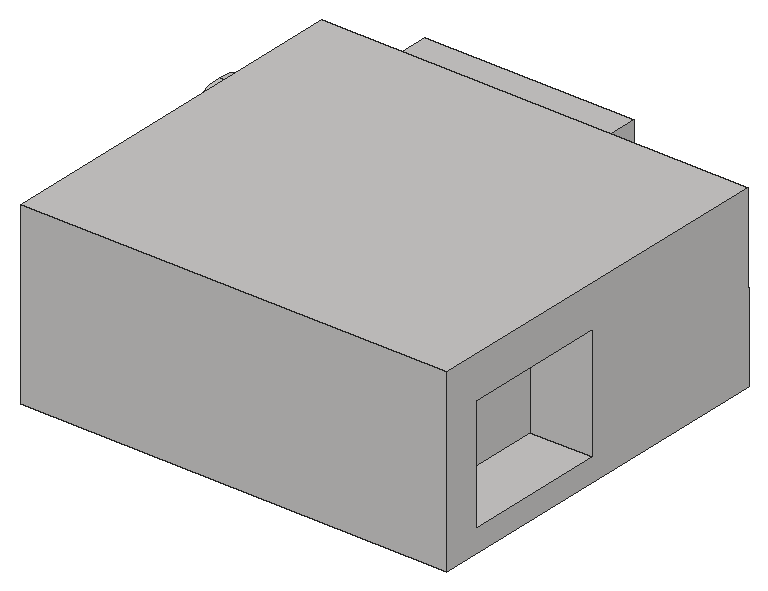
Revit family
Parameters
  Width = 3' - 0 1/8"
  Voltage = 277 V
  Unit Weight = "145.0 lbs"
  UltraLoc Liner = Choose Liner Option = 3  # no
  URL = "http://www.titus-hvac.com/"
  UL = "181"
  Supply Air Flow [instance] = 0 CFM
  SteriLoc Liner = Choose Liner Option = 2  # no
  Primary Air Pressure Drop [instance] = 0.00 in-wg
  Primary Air Flow [instance] = 0 CFM
  Plenum Air Pressure Drop [instance] = 0.00 in-wg
  Plenum Air Flow [instance] = 0 CFM
  Outlet Width = 1' - 2"
  Outlet Vertical Offset = 0' - 1 1/8"
  Outlet Horizontal Offset = 0' - 1 3/8"
  Outlet Height = 0' - 11"
  Number of Poles = 1
  Nominal Width = Width + 0' 6 1/4"  # 3' - 6 3/8"
  Nominal Length = Length + 0' 3 3/8"  # 3' - 8 1/4"
  Nominal Inlet Size = 1' - 0"
  Nominal Height = 1' - 5 1/8"
  NFPA = "90A"
  Motor Full Load Amps = 1.3 A
  Model = "DTQS"
  Min. Air Flow = 0 CFM
  Max. Air Flow = 0 CFM
  Material = Galvanized Steel
  Manufacturer = "Titus"
  Length = 3' - 4 7/8"
  Juction Box Offset = 0' - 4 7/8"
  Inlet Diameter = Nominal Inlet Size - 0' 0 1/8"  # 0' - 11 7/8"
  Induced Air Inlet Offset = 0' - 4 1/2"
  Induced Air Inlet Width = 1' - 1 1/4"
  Induced Air Inlet Height = 1' - 2 1/2"
  Induced Air Filter = no
  Heating Total Capacity [instance] = 0 Btu/h
  Half Outlet Connection Width = Outlet Width / 2  # 0' - 7"
  Half Outlet Connection Height = Outlet Height / 2  # 0' - 5 1/2"
  Half Height Start = -(Nominal Height / 2)  # -0' - 8 9/16"
  Half Height End = Nominal Height / 2  # 0' - 8 9/16"
  HP-Motor = "1/6"
  Frequency = 60 Hz
  Filter Size = "19\"x17\""
  Fiber Free Liner = Choose Liner Option = 1  # no
  Fan Disconnect Switch = no
  Duct Radius = Nominal Inlet Size / 2  # 0' - 6"
  Description = "Series Fan Powered Terminal Unit, Direct Digital Control, Pressure Independent"
  Connection Void Radius = Connection Radius - 0' 0 1/4"  # 0' - 5 11/16"
  Connection Radius = Inlet Diameter / 2  # 0' - 5 15/16"
  Choose Liner Option = 0
  CADworks URL = "www.CADworks.net"
  Assembly Code = "D3040100"
  Apparent Power = Voltage * Motor Full Load Amps  # 360.1 VA
  Air Inlet Offset = 0' - 8"
  1/2" Fiberglass Liner = Choose Liner Option = 0  # yes
Reference planes (in)
  plane 1 "Center (Front/Back)": y = 0
  plane 2: z = 0
  plane 3 "Center (Left/Right)": x = 3
  plane 4: x = -17.4375
  plane 5: x = 23.4375
  plane 6: x = -12.5625
  plane 7: x = -20.8125
  plane 8 "Center (Elevation)": z = 0
  plane 9: y = -18.0625
  plane 10: y = 18.0625
  plane 11: y = 10.0625
  plane 12: y = -13.5625
  plane 13: x = -11.4375
  plane 14: x = 17.4375
  plane 15: y = 24.3125
  plane 16: z = 8.5625
  plane 17: z = -8.5625
Forms (in)
  Extrusion 1, solid, material "Galvanized Steel" <- "Material"
    sketch origin (61, -3.76302, 78.80279) x (1, 0, 0) y (0, 1, 0)
      loop
        line (-78.4375, 21.82552) -> (-78.4375, -14.29948) -> (-37.5625, -14.29948) -> (-37.5625, 21.82552) -> (-78.4375, 21.82552)
    from -87.36529 <- "Half Height Start" to -70.24029 <- "Half Height End"
  Extrusion 2, solid, material "Galvanized Steel" <- "Material"
    sketch origin (6.0625, 0, 42) x (1, 0, 0) y (0, 1, 0)
      loop
        line (-18.625, 18.0625) -> (1.375, 18.0625) -> (1.375, 24.3125) -> (-18.625, 24.3125) -> (-18.625, 18.0625)
    from -48 to -36
  Extrusion 3, void
    sketch origin (23.4375, 18.0625, 76.42779) x (0, 1, 0) y (0, 0, -1)
      loop
        line (-18.625, 71.86529) -> (-18.625, 82.86529) -> (-32.625, 82.86529) -> (-32.625, 71.86529) -> (-18.625, 71.86529)
    from 0 to 6
  Extrusion 4, solid, material "Galvanized Steel" <- "Material"
    sketch origin (-24.875, -0.4375, 0) x (0, 0, -1) y (0, 1, 0)
      loop
        circle (0, 10.5) r 5.9375
    from 4.0625 to 7.4375
  Extrusion 5, void
    sketch origin (-24.875, 0, 0) x (0, 1, 0) y (0, 0, 1)
      loop
        circle (10.0625, 0) r 5.6875
    from 4.0625 to 13.4375
  Extrusion 6, void
    sketch origin (-17.4375, -18.0625, 78.67779) x (0, -1, 0) y (0, 0, -1)
      loop
        line (-17.75, 71.49029) -> (-4.5, 71.49029) -> (-4.5, 85.99029) -> (-17.75, 85.99029) -> (-17.75, 71.49029)
    from 0 to 6
Cuts and joins
  Extrusion 3, Extrusion 5, Extrusion 6 cuts Extrusion 1
  Extrusion 5 cuts Extrusion 4
Dimensions and locks (in)
  "Length": plane 5 to plane 4
  equal spacing: plane 5, plane 3 "Center (Left/Right)", plane 4
  locked: Extrusion 2 to plane 6 at 0
  locked: Extrusion 2 to Extrusion 2 at 20
  "Juction Box Offset": plane 6 to plane 4
  "Outlet Height": Extrusion 3 sketch curve to Extrusion 3 sketch curve
  "Outlet Width": Extrusion 3 sketch curve to Extrusion 3 sketch curve
  locked: plane 4 to plane 7 at 3.375
  "Width": plane 9 to plane 10
  equal spacing: plane 9, plane 1 "Center (Front/Back)", plane 10
  locked: Extrusion 4 sketch curve to level at 0
  locked: Extrusion 4 sketch curve to plane 11 at 0
  locked: Extrusion 5 sketch curve to level at 0
  locked: Extrusion 5 sketch curve to plane 11 at 0
  locked: Extrusion 2 to Extrusion 2 at 6.25
  "Air Inlet Offset": plane 10 to plane 11
  locked: Extrusion 2 to plane 10 at 0
  locked: cut or joined group of Extrusion 4, Extrusion 5 to plane 7 at 0
  locked: cut or joined group of Extrusion 4, Extrusion 5 to cut or joined group of Extrusion 4, Extrusion 5 at 3.375
  "Induced Air Inlet Offset": plane 9 to plane 12
  "Induced Air Inlet Width": Extrusion 6 sketch curve to Extrusion 6 sketch curve
  "Induced Air Inlet Height": Extrusion 6 sketch curve to Extrusion 6 sketch curve
  "Induced Air Inlet Offset": Extrusion 6 sketch curve to plane 9
  locked: plane 9 to Extrusion 3 sketch curve at 3.5
  cut or joined group of Extrusion 1, Extrusion 3, Extrusion 5, Extrusion 6 to Extrusion 6 sketch curve = 0' - 1 3/8"
  cut or joined group of Extrusion 1, Extrusion 3, Extrusion 5, Extrusion 6 to Extrusion 3 sketch curve = 0' - 2 1/8"
  locked: Extrusion 2 to Extrusion 2 at 12
  equal spacing: Extrusion 2, level, Extrusion 2
  locked: cut or joined group of Extrusion 1, Extrusion 3, Extrusion 5, Extrusion 6 to cut or joined group of Extrusion 1, Extrusion 3, Extrusion 5, Extrusion 6 at 17.125
  equal spacing: cut or joined group of Extrusion 1, Extrusion 3, Extrusion 5, Extrusion 6, level, cut or joined group of Extrusion 1, Extrusion 3, Extrusion 5, Extrusion 6
  locked: plane 4 to plane 13 at 6
  locked: plane 14 to plane 5 at 6
  "Connection Radius": radius of Extrusion 4 sketch curve
  "Connection Void Radius": radius of Extrusion 5 sketch curve
  aligned and locked: cut or joined group of Extrusion 1, Extrusion 3, Extrusion 5, Extrusion 6 to plane 10
  aligned and locked: plane 9 to cut or joined group of Extrusion 1, Extrusion 3, Extrusion 5, Extrusion 6
  aligned and locked: plane 5 to cut or joined group of Extrusion 1, Extrusion 3, Extrusion 5, Extrusion 6
  aligned and locked: cut or joined group of Extrusion 1, Extrusion 3, Extrusion 5, Extrusion 6 to plane 4
  aligned and locked: Extrusion 3 to plane 14
  aligned and locked: plane 13 to Extrusion 6
  aligned and locked: Extrusion 6 to Extrusion 5
Automatic sketch dimensions
  plane 4 to Extrusion 1 sketch curve = 0' - 0"
  plane 5 to Extrusion 1 sketch curve = 0' - 0"
  plane 9 to Extrusion 1 sketch curve = 0' - 0"
  plane 10 to Extrusion 1 sketch curve = 0' - 0"
  Extrusion 2 sketch curve to plane 6 = 0' - 0"
  Extrusion 2 sketch curve to plane 10 = 0' - 0"
  plane 3 "Center (Left/Right)" to Extrusion 2 sketch curve = 0' - 4 7/16"
  Extrusion 2 sketch curve to plane 10 = 0' - 6 1/4"
Connectors (in)
  electrical at (-2.5625, 24.3125, 0), driven by "Apparent Power", driven by "Voltage", driven by "Number of Poles"
    settings: on Extrusion 2, index 8
  hvac at (-20.8125, 10.0625, 0), driven by "Primary Air Flow", driven by "Duct Radius", driven by "Primary Air Pressure Drop"
    settings: on cut or joined group of Extrusion 4, Extrusion 5, index 9
  hvac at (-17.4375, -6.9375, -0.0625), driven by "Induced Air Inlet Width", driven by "Induced Air Inlet Height", driven by "Plenum Air Pressure Drop", driven by "Plenum Air Flow"
    settings: on cut or joined group of Extrusion 1, Extrusion 3, Extrusion 5, Extrusion 6, index 14
  hvac at (23.4375, -7.5625, -0.9375), driven by "Supply Air Flow", driven by "Outlet Width", driven by "Outlet Height"
    settings: on cut or joined group of Extrusion 1, Extrusion 3, Extrusion 5, Extrusion 6, index 15
